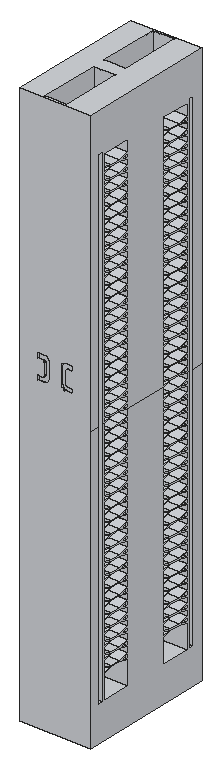
Revit family
Parameters
  Material ID = "760072850"
  Description = "Vertical Cable Management Kit, 12in X 96in (305mm X 2438mm) Double Sided, With Doors, Silver\r\nical Cable Management Kit, 6in X 84in (152mm X 2134mm) Single Sided, With Door, Black\r\nVertical Cable Management Kit, 6in X 84in (152mm X 2134mm) Single Sided, With Door, Black\r\nVERTICAL CABLE MANAGEMENT KIT, 6IN X 84IN(152MM X 2134MM) SINGLE SIDED, WITH DOOR, BLACK"
Reference planes (in)
  plane 1 "Center (Front/Back)": y = 0
  plane 2: z = 0
  plane 3 "Center (Left/Right)": x = 0
Forms (in)
  Extrusion 1, void, not visible
    sketch origin (0, 0, 0) x (1, 0, 0) y (0, 0, 1)
      loop
        line (-7.85662, 0.48089) -> (-7.85662, -0.39002) -> (-7.67285, -0.39002) -> (-7.67285, -0.64002) -> (-7.0736, -0.64002) -> (-7.0736, -0.39002) -> (-6.92978, -0.39002) -> (-6.92978, 0.48089) -> (-7.85662, 0.48089)
    from -3.79215 to 12
  Extrusion 2, void, not visible
    sketch origin (0, 0, 0) x (1, 0, 0) y (0, 0, 1)
      loop
        line (-8.21397, 0.42583) -> (-8.21397, -0.07417) -> (-8.08657, -0.07417) -> (-8.08657, -0.27417) -> (-7.83657, -0.27417) -> (-7.83657, -0.07417) -> (-7.72497, -0.07417) -> (-7.72497, 0.42583) -> (-8.21397, 0.42583)
    from 0.74059 to 3.34334
  Extrusion 3, solid
    sketch origin (0, 0, 0) x (1, 0, 0) y (0, 0, 1)
      loop
        line (6, 48) -> (-6, 48) -> (-6, -48) -> (6, -48) -> (6, 0) -> (6, 48)
    from 11.281 to -12.189
  Extrusion 4, void
    sketch origin (0, 0, 0) x (1, 0, 0) y (0, 0, 1)
      loop
        line (-3, 9.00056) -> (-3, 8.06684) -> (-2.1, 8.06684)
        arc (-2.1, 8.06684) -> (-1.88787, 7.97898) -> (-1.8, 7.76684) r 0.3
        line (-1.8, 7.76684) -> (-1.8, 5.85056)
        arc (-1.8, 5.85056) -> (-1.88787, 5.63843) -> (-2.1, 5.55056) r 0.3
        line (-2.1, 5.55056) -> (-3, 5.55056) -> (-3, 4.75056) -> (-1.8, 4.75056)
        arc (-1.8, 4.75056) -> (-1.23431, 4.98488) -> (-1, 5.55056) r 0.8
        line (-1, 5.55056) -> (-1, 8.20056)
        arc (-1, 8.20056) -> (-1.23431, 8.76625) -> (-1.8, 9.00056) r 0.8
        line (-1.8, 9.00056) -> (-3, 9.00056)
      loop
        line (3, 9.00056) -> (1.8, 9.00056)
        arc (1.8, 9.00056) -> (1.23431, 8.76625) -> (1, 8.20056) r 0.8
        line (1, 8.20056) -> (1, 5.55056)
        arc (1, 5.55056) -> (1.23431, 4.98488) -> (1.8, 4.75056) r 0.8
        line (1.8, 4.75056) -> (3, 4.75056) -> (3, 5.55056) -> (2.1, 5.55056)
        arc (2.1, 5.55056) -> (1.88787, 5.63843) -> (1.8, 5.85056) r 0.3
        line (1.8, 5.85056) -> (1.8, 7.76684)
        arc (1.8, 7.76684) -> (1.88787, 7.97898) -> (2.1, 8.06684) r 0.3
        line (2.1, 8.06684) -> (3, 8.06684) -> (3, 9.00056)
    from 11.08569 to 11.281
  Extrusion 5, void
    sketch origin (0, 0, 0) x (1, 0, 0) y (0, 1, 0)
      loop
        line (1.70983, -0.6615) -> (-2.04017, -0.6615) -> (-2.04017, -10.9115) -> (1.70983, -10.9115) -> (1.70983, -0.6615)
      loop
        line (1.70983, 1.5695) -> (1.70983, 11.8195) -> (-2.04017, 11.8195) -> (-2.04017, 1.5695) -> (1.70983, 1.5695)
    from -58.88014 to 54.97812
  Extrusion 6, void
    sketch origin (0, 0, 0) x (0, 1, 0) y (0, 0, 1)
      loop
        line (-3.37841, 39.06909) -> (-3.37841, 41.06909) -> (-8.50915, 41.06909) -> (-8.50915, 39.06909) -> (-6.81878, 38.61615) -> (-5.06878, 38.61615) -> (-3.37841, 39.06909)
      loop
        line (-3.37841, 38.06909) -> (-5.06878, 38.52202) -> (-6.81878, 38.52202) -> (-8.50915, 38.06909) -> (-8.50915, 37.81909) -> (-8.50915, 37.06909) -> (-6.81878, 36.61615) -> (-5.06878, 36.61615) -> (-3.37841, 37.06909) -> (-3.37841, 37.81909) -> (-3.37841, 38.06909)
      loop
        line (-3.37841, 39.00985) -> (-4.9864, 38.57899) -> (-3.37841, 38.14813) -> (-3.37841, 39.00985)
      loop
        line (-8.50915, 39.00985) -> (-8.50915, 38.14813) -> (-6.90115, 38.57899) -> (-8.50915, 39.00985)
      loop
        line (-3.37841, 36.06909) -> (-5.06878, 36.52202) -> (-6.81878, 36.52202) -> (-8.50915, 36.06909) -> (-8.50915, 35.06909) -> (-6.81878, 34.61615) -> (-5.06878, 34.61615) -> (-3.37841, 35.06909) -> (-3.37841, 36.06909)
      loop
        line (-3.37841, 37.00985) -> (-4.9864, 36.57899) -> (-3.37841, 36.14813) -> (-3.37841, 37.00985)
      loop
        line (-8.50915, 37.00985) -> (-8.50915, 36.14813) -> (-6.90115, 36.57899) -> (-8.50915, 37.00985)
      loop
        line (-3.37841, 34.06909) -> (-5.06878, 34.52202) -> (-6.81878, 34.52202) -> (-8.50915, 34.06909) -> (-8.50915, 33.06909) -> (-6.81878, 32.61615) -> (-5.06878, 32.61615) -> (-3.37841, 33.06909) -> (-3.37841, 34.06909)
      loop
        line (-3.37841, 35.00985) -> (-4.9864, 34.57899) -> (-3.37841, 34.14813) -> (-3.37841, 35.00985)
      loop
        line (-8.50915, 35.00985) -> (-8.50915, 34.14813) -> (-6.90115, 34.57899) -> (-8.50915, 35.00985)
      loop
        line (-3.37841, 32.06909) -> (-5.06878, 32.52202) -> (-6.81878, 32.52202) -> (-8.50915, 32.06909) -> (-8.50915, 31.06909) -> (-6.81878, 30.61615) -> (-5.06878, 30.61615) -> (-3.37841, 31.06909) -> (-3.37841, 32.06909)
      loop
        line (-3.37841, 33.00985) -> (-4.9864, 32.57899) -> (-3.37841, 32.14813) -> (-3.37841, 33.00985)
      loop
        line (-8.50915, 33.00985) -> (-8.50915, 32.14813) -> (-6.90115, 32.57899) -> (-8.50915, 33.00985)
      loop
        line (-3.37841, 30.06909) -> (-5.06878, 30.52202) -> (-6.81878, 30.52202) -> (-8.50915, 30.06909) -> (-8.50915, 29.06909) -> (-6.81878, 28.61615) -> (-5.06878, 28.61615) -> (-3.37841, 29.06909) -> (-3.37841, 30.06909)
      loop
        line (-3.37841, 31.00985) -> (-4.9864, 30.57899) -> (-3.37841, 30.14813) -> (-3.37841, 31.00985)
      loop
        line (-8.50915, 31.00985) -> (-8.50915, 30.14813) -> (-6.90115, 30.57899) -> (-8.50915, 31.00985)
      loop
        line (-3.37841, 28.06909) -> (-5.06878, 28.52202) -> (-6.81878, 28.52202) -> (-8.50915, 28.06909) -> (-8.50915, 27.06909) -> (-6.81878, 26.61615) -> (-5.06878, 26.61615) -> (-3.37841, 27.06909) -> (-3.37841, 28.06909)
      loop
        line (-3.37841, 29.00985) -> (-4.9864, 28.57899) -> (-3.37841, 28.14813) -> (-3.37841, 29.00985)
      loop
        line (-8.50915, 29.00985) -> (-8.50915, 28.14813) -> (-6.90115, 28.57899) -> (-8.50915, 29.00985)
      loop
        line (-3.37841, 26.06909) -> (-5.06878, 26.52202) -> (-6.81878, 26.52202) -> (-8.50915, 26.06909) -> (-8.50915, 25.06909) -> (-6.81878, 24.61615) -> (-5.06878, 24.61615) -> (-3.37841, 25.06909) -> (-3.37841, 26.06909)
      loop
        line (-3.37841, 27.00985) -> (-4.9864, 26.57899) -> (-3.37841, 26.14813) -> (-3.37841, 27.00985)
      loop
        line (-8.50915, 27.00985) -> (-8.50915, 26.14813) -> (-6.90115, 26.57899) -> (-8.50915, 27.00985)
      loop
        line (-3.37841, 24.06909) -> (-5.06878, 24.52202) -> (-6.81878, 24.52202) -> (-8.50915, 24.06909) -> (-8.50915, 23.06909) -> (-6.81878, 22.61615) -> (-5.06878, 22.61615) -> (-3.37841, 23.06909) -> (-3.37841, 24.06909)
      loop
        line (-3.37841, 25.00985) -> (-4.9864, 24.57899) -> (-3.37841, 24.14813) -> (-3.37841, 25.00985)
      loop
        line (-8.50915, 25.00985) -> (-8.50915, 24.14813) -> (-6.90115, 24.57899) -> (-8.50915, 25.00985)
      loop
        line (-3.37841, 22.06909) -> (-5.06878, 22.52202) -> (-6.81878, 22.52202) -> (-8.50915, 22.06909) -> (-8.50915, 21.06909) -> (-6.81878, 20.61615) -> (-5.06878, 20.61615) -> (-3.37841, 21.06909) -> (-3.37841, 22.06909)
      loop
        line (-3.37841, 23.00985) -> (-4.9864, 22.57899) -> (-3.37841, 22.14813) -> (-3.37841, 23.00985)
      loop
        line (-8.50915, 23.00985) -> (-8.50915, 22.14813) -> (-6.90115, 22.57899) -> (-8.50915, 23.00985)
      loop
        line (-3.37841, 20.06909) -> (-5.06878, 20.52202) -> (-6.81878, 20.52202) -> (-8.50915, 20.06909) -> (-8.50915, 19.06909) -> (-6.81878, 18.61615) -> (-5.06878, 18.61615) -> (-3.37841, 19.06909) -> (-3.37841, 20.06909)
      loop
        line (-3.37841, 21.00985) -> (-4.9864, 20.57899) -> (-3.37841, 20.14813) -> (-3.37841, 21.00985)
      loop
        line (-8.50915, 21.00985) -> (-8.50915, 20.14813) -> (-6.90115, 20.57899) -> (-8.50915, 21.00985)
      loop
        line (-3.37841, 18.06909) -> (-5.06878, 18.52202) -> (-6.81878, 18.52202) -> (-8.50915, 18.06909) -> (-8.50915, 17.06909) -> (-6.81878, 16.61615) -> (-5.06878, 16.61615) -> (-3.37841, 17.06909) -> (-3.37841, 18.06909)
      loop
        line (-3.37841, 19.00985) -> (-4.9864, 18.57899) -> (-3.37841, 18.14813) -> (-3.37841, 19.00985)
      loop
        line (-8.50915, 19.00985) -> (-8.50915, 18.14813) -> (-6.90115, 18.57899) -> (-8.50915, 19.00985)
      loop
        line (-3.37841, 16.06909) -> (-5.06878, 16.52202) -> (-6.81878, 16.52202) -> (-8.50915, 16.06909) -> (-8.50915, 15.06909) -> (-6.81878, 14.61615) -> (-5.06878, 14.61615) -> (-3.37841, 15.06909) -> (-3.37841, 16.06909)
      loop
        line (-3.37841, 17.00985) -> (-4.9864, 16.57899) -> (-3.37841, 16.14813) -> (-3.37841, 17.00985)
      loop
        line (-8.50915, 17.00985) -> (-8.50915, 16.14813) -> (-6.90115, 16.57899) -> (-8.50915, 17.00985)
      loop
        line (-3.37841, 14.06909) -> (-5.06878, 14.52202) -> (-6.81878, 14.52202) -> (-8.50915, 14.06909) -> (-8.50915, 13.06909) -> (-6.81878, 12.61615) -> (-5.06878, 12.61615) -> (-3.37841, 13.06909) -> (-3.37841, 14.06909)
      loop
        line (-3.37841, 15.00985) -> (-4.9864, 14.57899) -> (-3.37841, 14.14813) -> (-3.37841, 15.00985)
      loop
        line (-8.50915, 15.00985) -> (-8.50915, 14.14813) -> (-6.90115, 14.57899) -> (-8.50915, 15.00985)
      loop
        line (-3.37841, 12.06909) -> (-5.06878, 12.52202) -> (-6.81878, 12.52202) -> (-8.50915, 12.06909) -> (-8.50915, 11.06909) -> (-6.81878, 10.61615) -> (-5.06878, 10.61615) -> (-3.37841, 11.06909) -> (-3.37841, 12.06909)
      loop
        line (-3.37841, 13.00985) -> (-4.9864, 12.57899) -> (-3.37841, 12.14813) -> (-3.37841, 13.00985)
      loop
        line (-8.50915, 13.00985) -> (-8.50915, 12.14813) -> (-6.90115, 12.57899) -> (-8.50915, 13.00985)
      loop
        line (-3.37841, 10.06909) -> (-5.06878, 10.52202) -> (-6.81878, 10.52202) -> (-8.50915, 10.06909) -> (-8.50915, 9.06909) -> (-6.81878, 8.61615) -> (-5.06878, 8.61615) -> (-3.37841, 9.06909) -> (-3.37841, 10.06909)
      loop
        line (-3.37841, 11.00985) -> (-4.9864, 10.57899) -> (-3.37841, 10.14813) -> (-3.37841, 11.00985)
      loop
        line (-8.50915, 11.00985) -> (-8.50915, 10.14813) -> (-6.90115, 10.57899) -> (-8.50915, 11.00985)
      loop
        line (-3.37841, 8.06909) -> (-5.06878, 8.52202) -> (-6.81878, 8.52202) -> (-8.50915, 8.06909) -> (-8.50915, 7.06909) -> (-6.81878, 6.61615) -> (-5.06878, 6.61615) -> (-3.37841, 7.06909) -> (-3.37841, 8.06909)
      loop
        line (-3.37841, 9.00985) -> (-4.9864, 8.57899) -> (-3.37841, 8.14813) -> (-3.37841, 9.00985)
      loop
        line (-8.50915, 9.00985) -> (-8.50915, 8.14813) -> (-6.90115, 8.57899) -> (-8.50915, 9.00985)
      loop
        line (-3.37841, 6.06909) -> (-5.06878, 6.52202) -> (-6.81878, 6.52202) -> (-8.50915, 6.06909) -> (-8.50915, 5.06909) -> (-6.81878, 4.61615) -> (-5.06878, 4.61615) -> (-3.37841, 5.06909) -> (-3.37841, 6.06909)
      loop
        line (-3.37841, 7.00985) -> (-4.9864, 6.57899) -> (-3.37841, 6.14813) -> (-3.37841, 7.00985)
      loop
        line (-8.50915, 7.00985) -> (-8.50915, 6.14813) -> (-6.90115, 6.57899) -> (-8.50915, 7.00985)
      loop
        line (-3.37841, 4.06909) -> (-5.06878, 4.52202) -> (-6.81878, 4.52202) -> (-8.50915, 4.06909) -> (-8.50915, 3.06909) -> (-6.81878, 2.61615) -> (-5.06878, 2.61615) -> (-3.37841, 3.06909) -> (-3.37841, 4.06909)
      loop
        line (-3.37841, 5.00985) -> (-4.9864, 4.57899) -> (-3.37841, 4.14813) -> (-3.37841, 5.00985)
      loop
        line (-8.50915, 5.00985) -> (-8.50915, 4.14813) -> (-6.90115, 4.57899) -> (-8.50915, 5.00985)
      loop
        line (-3.37841, 2.06909) -> (-5.06878, 2.52202) -> (-6.81878, 2.52202) -> (-8.50915, 2.06909) -> (-8.50915, 1.06909) -> (-6.81878, 0.61615) -> (-5.06878, 0.61615) -> (-3.37841, 1.06909) -> (-3.37841, 2.06909)
      loop
        line (-3.37841, 3.00985) -> (-4.9864, 2.57899) -> (-3.37841, 2.14813) -> (-3.37841, 3.00985)
      loop
        line (-8.50915, 3.00985) -> (-8.50915, 2.14813) -> (-6.90115, 2.57899) -> (-8.50915, 3.00985)
      loop
        line (-3.37841, 0.06909) -> (-5.06878, 0.52202) -> (-6.81878, 0.52202) -> (-8.50915, 0.06909) -> (-8.50915, -0.93091) -> (-6.81878, -1.38385) -> (-5.06878, -1.38385) -> (-3.37841, -0.93091) -> (-3.37841, 0.06909)
      loop
        line (-3.37841, 1.00985) -> (-4.9864, 0.57899) -> (-3.37841, 0.14813) -> (-3.37841, 1.00985)
      loop
        line (-8.50915, 1.00985) -> (-8.50915, 0.14813) -> (-6.90115, 0.57899) -> (-8.50915, 1.00985)
      loop
        line (-3.37841, -1.93091) -> (-5.06878, -1.47798) -> (-6.81878, -1.47798) -> (-8.50915, -1.93091) -> (-8.50915, -2.93091) -> (-6.81878, -3.38385) -> (-5.06878, -3.38385) -> (-3.37841, -2.93091) -> (-3.37841, -1.93091)
      loop
        line (-3.37841, -0.99015) -> (-4.9864, -1.42101) -> (-3.37841, -1.85187) -> (-3.37841, -0.99015)
      loop
        line (-8.50915, -0.99015) -> (-8.50915, -1.85187) -> (-6.90115, -1.42101) -> (-8.50915, -0.99015)
      loop
        line (-3.37841, -3.93091) -> (-5.06878, -3.47798) -> (-6.81878, -3.47798) -> (-8.50915, -3.93091) -> (-8.50915, -4.93091) -> (-6.81878, -5.38385) -> (-5.06878, -5.38385) -> (-3.37841, -4.93091) -> (-3.37841, -3.93091)
      loop
        line (-3.37841, -2.99015) -> (-4.9864, -3.42101) -> (-3.37841, -3.85187) -> (-3.37841, -2.99015)
      loop
        line (-8.50915, -2.99015) -> (-8.50915, -3.85187) -> (-6.90115, -3.42101) -> (-8.50915, -2.99015)
      loop
        line (-3.37841, -5.93091) -> (-5.06878, -5.47798) -> (-6.81878, -5.47798) -> (-8.50915, -5.93091) -> (-8.50915, -6.93091) -> (-6.81878, -7.38385) -> (-5.06878, -7.38385) -> (-3.37841, -6.93091) -> (-3.37841, -5.93091)
      loop
        line (-3.37841, -4.99015) -> (-4.9864, -5.42101) -> (-3.37841, -5.85187) -> (-3.37841, -4.99015)
      loop
        line (-8.50915, -4.99015) -> (-8.50915, -5.85187) -> (-6.90115, -5.42101) -> (-8.50915, -4.99015)
      loop
        line (-3.37841, -7.93091) -> (-5.06878, -7.47798) -> (-6.81878, -7.47798) -> (-8.50915, -7.93091) -> (-8.50915, -8.93091) -> (-6.81878, -9.38385) -> (-5.06878, -9.38385) -> (-3.37841, -8.93091) -> (-3.37841, -7.93091)
      loop
        line (-3.37841, -6.99015) -> (-4.9864, -7.42101) -> (-3.37841, -7.85187) -> (-3.37841, -6.99015)
      loop
        line (-8.50915, -6.99015) -> (-8.50915, -7.85187) -> (-6.90115, -7.42101) -> (-8.50915, -6.99015)
      loop
        line (-3.37841, -9.93091) -> (-5.06878, -9.47798) -> (-6.81878, -9.47798) -> (-8.50915, -9.93091) -> (-8.50915, -10.93091) -> (-6.81878, -11.38385) -> (-5.06878, -11.38385) -> (-3.37841, -10.93091) -> (-3.37841, -9.93091)
      loop
        line (-3.37841, -8.99015) -> (-4.9864, -9.42101) -> (-3.37841, -9.85187) -> (-3.37841, -8.99015)
      loop
        line (-8.50915, -8.99015) -> (-8.50915, -9.85187) -> (-6.90115, -9.42101) -> (-8.50915, -8.99015)
      loop
        line (-3.37841, -11.93091) -> (-5.06878, -11.47798) -> (-6.81878, -11.47798) -> (-8.50915, -11.93091) -> (-8.50915, -12.93091) -> (-6.81878, -13.38385) -> (-5.06878, -13.38385) -> (-3.37841, -12.93091) -> (-3.37841, -11.93091)
      loop
        line (-3.37841, -10.99015) -> (-4.9864, -11.42101) -> (-3.37841, -11.85187) -> (-3.37841, -10.99015)
      loop
        line (-8.50915, -10.99015) -> (-8.50915, -11.85187) -> (-6.90115, -11.42101) -> (-8.50915, -10.99015)
      loop
        line (-3.37841, -13.93091) -> (-5.06878, -13.47798) -> (-6.81878, -13.47798) -> (-8.50915, -13.93091) -> (-8.50915, -14.93091) -> (-6.81878, -15.38385) -> (-5.06878, -15.38385) -> (-3.37841, -14.93091) -> (-3.37841, -13.93091)
      loop
        line (-3.37841, -12.99015) -> (-4.9864, -13.42101) -> (-3.37841, -13.85187) -> (-3.37841, -12.99015)
      loop
        line (-8.50915, -12.99015) -> (-8.50915, -13.85187) -> (-6.90115, -13.42101) -> (-8.50915, -12.99015)
      loop
        line (-3.37841, -15.93091) -> (-5.06878, -15.47798) -> (-6.81878, -15.47798) -> (-8.50915, -15.93091) -> (-8.50915, -16.93091) -> (-6.81878, -17.38385) -> (-5.06878, -17.38385) -> (-3.37841, -16.93091) -> (-3.37841, -15.93091)
      loop
        line (-3.37841, -14.99015) -> (-4.9864, -15.42101) -> (-3.37841, -15.85187) -> (-3.37841, -14.99015)
      loop
        line (-8.50915, -14.99015) -> (-8.50915, -15.85187) -> (-6.90115, -15.42101) -> (-8.50915, -14.99015)
      loop
        line (-3.37841, -17.93091) -> (-5.06878, -17.47798) -> (-6.81878, -17.47798) -> (-8.50915, -17.93091) -> (-8.50915, -18.93091) -> (-6.81878, -19.38385) -> (-5.06878, -19.38385) -> (-3.37841, -18.93091) -> (-3.37841, -17.93091)
      loop
        line (-3.37841, -16.99015) -> (-4.9864, -17.42101) -> (-3.37841, -17.85187) -> (-3.37841, -16.99015)
      loop
        line (-8.50915, -16.99015) -> (-8.50915, -17.85187) -> (-6.90115, -17.42101) -> (-8.50915, -16.99015)
      loop
        line (-3.37841, -19.93091) -> (-5.06878, -19.47798) -> (-6.81878, -19.47798) -> (-8.50915, -19.93091) -> (-8.50915, -20.93091) -> (-6.81878, -21.38385) -> (-5.06878, -21.38385) -> (-3.37841, -20.93091) -> (-3.37841, -19.93091)
      loop
        line (-3.37841, -18.99015) -> (-4.9864, -19.42101) -> (-3.37841, -19.85187) -> (-3.37841, -18.99015)
      loop
        line (-8.50915, -18.99015) -> (-8.50915, -19.85187) -> (-6.90115, -19.42101) -> (-8.50915, -18.99015)
      loop
        line (-3.37841, -21.93091) -> (-5.06878, -21.47798) -> (-6.81878, -21.47798) -> (-8.50915, -21.93091) -> (-8.50915, -22.93091) -> (-6.81878, -23.38385) -> (-5.06878, -23.38385) -> (-3.37841, -22.93091) -> (-3.37841, -21.93091)
      loop
        line (-3.37841, -20.99015) -> (-4.9864, -21.42101) -> (-3.37841, -21.85187) -> (-3.37841, -20.99015)
      loop
        line (-8.50915, -20.99015) -> (-8.50915, -21.85187) -> (-6.90115, -21.42101) -> (-8.50915, -20.99015)
      loop
        line (-3.37841, -23.93091) -> (-5.06878, -23.47798) -> (-6.81878, -23.47798) -> (-8.50915, -23.93091) -> (-8.50915, -24.93091) -> (-6.81878, -25.38385) -> (-5.06878, -25.38385) -> (-3.37841, -24.93091) -> (-3.37841, -23.93091)
      loop
        line (-3.37841, -22.99015) -> (-4.9864, -23.42101) -> (-3.37841, -23.85187) -> (-3.37841, -22.99015)
      loop
        line (-8.50915, -22.99015) -> (-8.50915, -23.85187) -> (-6.90115, -23.42101) -> (-8.50915, -22.99015)
      loop
        line (-3.37841, -25.93091) -> (-5.06878, -25.47798) -> (-6.81878, -25.47798) -> (-8.50915, -25.93091) -> (-8.50915, -26.93091) -> (-6.81878, -27.38385) -> (-5.06878, -27.38385) -> (-3.37841, -26.93091) -> (-3.37841, -25.93091)
      loop
        line (-3.37841, -24.99015) -> (-4.9864, -25.42101) -> (-3.37841, -25.85187) -> (-3.37841, -24.99015)
      loop
        line (-8.50915, -24.99015) -> (-8.50915, -25.85187) -> (-6.90115, -25.42101) -> (-8.50915, -24.99015)
      loop
        line (-3.37841, -27.93091) -> (-5.06878, -27.47798) -> (-6.81878, -27.47798) -> (-8.50915, -27.93091) -> (-8.50915, -28.93091) -> (-6.81878, -29.38385) -> (-5.06878, -29.38385) -> (-3.37841, -28.93091) -> (-3.37841, -27.93091)
      loop
        line (-3.37841, -26.99015) -> (-4.9864, -27.42101) -> (-3.37841, -27.85187) -> (-3.37841, -26.99015)
      loop
        line (-8.50915, -26.99015) -> (-8.50915, -27.85187) -> (-6.90115, -27.42101) -> (-8.50915, -26.99015)
      loop
        line (-3.37841, -29.93091) -> (-5.06878, -29.47798) -> (-6.81878, -29.47798) -> (-8.50915, -29.93091) -> (-8.50915, -30.93091) -> (-6.81878, -31.38385) -> (-5.06878, -31.38385) -> (-3.37841, -30.93091) -> (-3.37841, -29.93091)
      loop
        line (-3.37841, -28.99015) -> (-4.9864, -29.42101) -> (-3.37841, -29.85187) -> (-3.37841, -28.99015)
      loop
        line (-8.50915, -28.99015) -> (-8.50915, -29.85187) -> (-6.90115, -29.42101) -> (-8.50915, -28.99015)
      loop
        line (-3.37841, -31.93091) -> (-5.06878, -31.47798) -> (-6.81878, -31.47798) -> (-8.50915, -31.93091) -> (-8.50915, -32.93091) -> (-6.81878, -33.38385) -> (-5.06878, -33.38385) -> (-3.37841, -32.93091) -> (-3.37841, -31.93091)
      loop
        line (-3.37841, -30.99015) -> (-4.9864, -31.42101) -> (-3.37841, -31.85187) -> (-3.37841, -30.99015)
      loop
        line (-8.50915, -30.99015) -> (-8.50915, -31.85187) -> (-6.90115, -31.42101) -> (-8.50915, -30.99015)
      loop
        line (-3.37841, -33.93091) -> (-5.06878, -33.47798) -> (-6.81878, -33.47798) -> (-8.50915, -33.93091) -> (-8.50915, -34.93091) -> (-6.81878, -35.38385) -> (-5.06878, -35.38385) -> (-3.37841, -34.93091) -> (-3.37841, -33.93091)
      loop
        line (-3.37841, -32.99015) -> (-4.9864, -33.42101) -> (-3.37841, -33.85187) -> (-3.37841, -32.99015)
      loop
        line (-8.50915, -32.99015) -> (-8.50915, -33.85187) -> (-6.90115, -33.42101) -> (-8.50915, -32.99015)
      loop
        line (-3.37841, -35.93091) -> (-5.06878, -35.47798) -> (-6.81878, -35.47798) -> (-8.50915, -35.93091) -> (-8.50915, -36.93091) -> (-6.81878, -37.38385) -> (-5.06878, -37.38385) -> (-3.37841, -36.93091) -> (-3.37841, -35.93091)
      loop
        line (-3.37841, -34.99015) -> (-4.9864, -35.42101) -> (-3.37841, -35.85187) -> (-3.37841, -34.99015)
      loop
        line (-8.50915, -34.99015) -> (-8.50915, -35.85187) -> (-6.90115, -35.42101) -> (-8.50915, -34.99015)
      loop
        line (-3.37841, -37.93091) -> (-5.06878, -37.47798) -> (-6.81878, -37.47798) -> (-8.50915, -37.93091) -> (-8.50915, -42) -> (-3.37841, -42) -> (-3.37841, -37.93091)
      loop
        line (-3.37841, -36.99015) -> (-4.9864, -37.42101) -> (-3.37841, -37.85187) -> (-3.37841, -36.99015)
      loop
        line (-8.50915, -36.99015) -> (-8.50915, -37.85187) -> (-6.90115, -37.42101) -> (-8.50915, -36.99015)
      loop
        line (4.05541, 39.06909) -> (5.74578, 38.61615) -> (7.49578, 38.61615) -> (9.18615, 39.06909) -> (9.18615, 41.06909) -> (4.05541, 41.06909) -> (4.05541, 39.06909)
      loop
        line (4.05541, 38.06909) -> (4.05541, 37.81909) -> (4.05541, 37.06909) -> (5.74578, 36.61615) -> (7.49578, 36.61615) -> (9.18615, 37.06909) -> (9.18615, 37.81909) -> (9.18615, 38.06909) -> (7.49578, 38.52202) -> (5.74578, 38.52202) -> (4.05541, 38.06909)
      loop
        line (4.05541, 39.00985) -> (4.05541, 38.14813) -> (5.6634, 38.57899) -> (4.05541, 39.00985)
      loop
        line (9.18615, 39.00985) -> (7.57815, 38.57899) -> (9.18615, 38.14813) -> (9.18615, 39.00985)
      loop
        line (4.05541, 36.06909) -> (4.05541, 35.06909) -> (5.74578, 34.61615) -> (7.49578, 34.61615) -> (9.18615, 35.06909) -> (9.18615, 36.06909) -> (7.49578, 36.52202) -> (5.74578, 36.52202) -> (4.05541, 36.06909)
      loop
        line (4.05541, 37.00985) -> (4.05541, 36.14813) -> (5.6634, 36.57899) -> (4.05541, 37.00985)
      loop
        line (9.18615, 37.00985) -> (7.57815, 36.57899) -> (9.18615, 36.14813) -> (9.18615, 37.00985)
      loop
        line (4.05541, 34.06909) -> (4.05541, 33.06909) -> (5.74578, 32.61615) -> (7.49578, 32.61615) -> (9.18615, 33.06909) -> (9.18615, 34.06909) -> (7.49578, 34.52202) -> (5.74578, 34.52202) -> (4.05541, 34.06909)
      loop
        line (4.05541, 35.00985) -> (4.05541, 34.14813) -> (5.6634, 34.57899) -> (4.05541, 35.00985)
      loop
        line (9.18615, 35.00985) -> (7.57815, 34.57899) -> (9.18615, 34.14813) -> (9.18615, 35.00985)
      loop
        line (4.05541, 32.06909) -> (4.05541, 31.06909) -> (5.74578, 30.61615) -> (7.49578, 30.61615) -> (9.18615, 31.06909) -> (9.18615, 32.06909) -> (7.49578, 32.52202) -> (5.74578, 32.52202) -> (4.05541, 32.06909)
      loop
        line (4.05541, 33.00985) -> (4.05541, 32.14813) -> (5.6634, 32.57899) -> (4.05541, 33.00985)
      loop
        line (9.18615, 33.00985) -> (7.57815, 32.57899) -> (9.18615, 32.14813) -> (9.18615, 33.00985)
      loop
        line (4.05541, 30.06909) -> (4.05541, 29.06909) -> (5.74578, 28.61615) -> (7.49578, 28.61615) -> (9.18615, 29.06909) -> (9.18615, 30.06909) -> (7.49578, 30.52202) -> (5.74578, 30.52202) -> (4.05541, 30.06909)
      loop
        line (4.05541, 31.00985) -> (4.05541, 30.14813) -> (5.6634, 30.57899) -> (4.05541, 31.00985)
      loop
        line (9.18615, 31.00985) -> (7.57815, 30.57899) -> (9.18615, 30.14813) -> (9.18615, 31.00985)
      loop
        line (4.05541, 28.06909) -> (4.05541, 27.06909) -> (5.74578, 26.61615) -> (7.49578, 26.61615) -> (9.18615, 27.06909) -> (9.18615, 28.06909) -> (7.49578, 28.52202) -> (5.74578, 28.52202) -> (4.05541, 28.06909)
      loop
        line (4.05541, 29.00985) -> (4.05541, 28.14813) -> (5.6634, 28.57899) -> (4.05541, 29.00985)
      loop
        line (9.18615, 29.00985) -> (7.57815, 28.57899) -> (9.18615, 28.14813) -> (9.18615, 29.00985)
      loop
        line (4.05541, 26.06909) -> (4.05541, 25.06909) -> (5.74578, 24.61615) -> (7.49578, 24.61615) -> (9.18615, 25.06909) -> (9.18615, 26.06909) -> (7.49578, 26.52202) -> (5.74578, 26.52202) -> (4.05541, 26.06909)
      loop
        line (4.05541, 27.00985) -> (4.05541, 26.14813) -> (5.6634, 26.57899) -> (4.05541, 27.00985)
      loop
        line (9.18615, 27.00985) -> (7.57815, 26.57899) -> (9.18615, 26.14813) -> (9.18615, 27.00985)
      loop
        line (4.05541, 24.06909) -> (4.05541, 23.06909) -> (5.74578, 22.61615) -> (7.49578, 22.61615) -> (9.18615, 23.06909) -> (9.18615, 24.06909) -> (7.49578, 24.52202) -> (5.74578, 24.52202) -> (4.05541, 24.06909)
      loop
        line (4.05541, 25.00985) -> (4.05541, 24.14813) -> (5.6634, 24.57899) -> (4.05541, 25.00985)
      loop
        line (9.18615, 25.00985) -> (7.57815, 24.57899) -> (9.18615, 24.14813) -> (9.18615, 25.00985)
      loop
        line (4.05541, 22.06909) -> (4.05541, 21.06909) -> (5.74578, 20.61615) -> (7.49578, 20.61615) -> (9.18615, 21.06909) -> (9.18615, 22.06909) -> (7.49578, 22.52202) -> (5.74578, 22.52202) -> (4.05541, 22.06909)
      loop
        line (4.05541, 23.00985) -> (4.05541, 22.14813) -> (5.6634, 22.57899) -> (4.05541, 23.00985)
      loop
        line (9.18615, 23.00985) -> (7.57815, 22.57899) -> (9.18615, 22.14813) -> (9.18615, 23.00985)
      loop
        line (4.05541, 20.06909) -> (4.05541, 19.06909) -> (5.74578, 18.61615) -> (7.49578, 18.61615) -> (9.18615, 19.06909) -> (9.18615, 20.06909) -> (7.49578, 20.52202) -> (5.74578, 20.52202) -> (4.05541, 20.06909)
      loop
        line (4.05541, 21.00985) -> (4.05541, 20.14813) -> (5.6634, 20.57899) -> (4.05541, 21.00985)
      loop
        line (9.18615, 21.00985) -> (7.57815, 20.57899) -> (9.18615, 20.14813) -> (9.18615, 21.00985)
      loop
        line (4.05541, 18.06909) -> (4.05541, 17.06909) -> (5.74578, 16.61615) -> (7.49578, 16.61615) -> (9.18615, 17.06909) -> (9.18615, 18.06909) -> (7.49578, 18.52202) -> (5.74578, 18.52202) -> (4.05541, 18.06909)
      loop
        line (4.05541, 19.00985) -> (4.05541, 18.14813) -> (5.6634, 18.57899) -> (4.05541, 19.00985)
      loop
        line (9.18615, 19.00985) -> (7.57815, 18.57899) -> (9.18615, 18.14813) -> (9.18615, 19.00985)
      loop
        line (4.05541, 16.06909) -> (4.05541, 15.06909) -> (5.74578, 14.61615) -> (7.49578, 14.61615) -> (9.18615, 15.06909) -> (9.18615, 16.06909) -> (7.49578, 16.52202) -> (5.74578, 16.52202) -> (4.05541, 16.06909)
      loop
        line (4.05541, 17.00985) -> (4.05541, 16.14813) -> (5.6634, 16.57899) -> (4.05541, 17.00985)
      loop
        line (9.18615, 17.00985) -> (7.57815, 16.57899) -> (9.18615, 16.14813) -> (9.18615, 17.00985)
      loop
        line (4.05541, 14.06909) -> (4.05541, 13.06909) -> (5.74578, 12.61615) -> (7.49578, 12.61615) -> (9.18615, 13.06909) -> (9.18615, 14.06909) -> (7.49578, 14.52202) -> (5.74578, 14.52202) -> (4.05541, 14.06909)
      loop
        line (4.05541, 15.00985) -> (4.05541, 14.14813) -> (5.6634, 14.57899) -> (4.05541, 15.00985)
      loop
        line (9.18615, 15.00985) -> (7.57815, 14.57899) -> (9.18615, 14.14813) -> (9.18615, 15.00985)
      loop
        line (4.05541, 12.06909) -> (4.05541, 11.06909) -> (5.74578, 10.61615) -> (7.49578, 10.61615) -> (9.18615, 11.06909) -> (9.18615, 12.06909) -> (7.49578, 12.52202) -> (5.74578, 12.52202) -> (4.05541, 12.06909)
      loop
        line (4.05541, 13.00985) -> (4.05541, 12.14813) -> (5.6634, 12.57899) -> (4.05541, 13.00985)
      loop
        line (9.18615, 13.00985) -> (7.57815, 12.57899) -> (9.18615, 12.14813) -> (9.18615, 13.00985)
      loop
        line (4.05541, 10.06909) -> (4.05541, 9.06909) -> (5.74578, 8.61615) -> (7.49578, 8.61615) -> (9.18615, 9.06909) -> (9.18615, 10.06909) -> (7.49578, 10.52202) -> (5.74578, 10.52202) -> (4.05541, 10.06909)
      loop
        line (4.05541, 11.00985) -> (4.05541, 10.14813) -> (5.6634, 10.57899) -> (4.05541, 11.00985)
      loop
        line (9.18615, 11.00985) -> (7.57815, 10.57899) -> (9.18615, 10.14813) -> (9.18615, 11.00985)
      loop
        line (4.05541, 8.06909) -> (4.05541, 7.06909) -> (5.74578, 6.61615) -> (7.49578, 6.61615) -> (9.18615, 7.06909) -> (9.18615, 8.06909) -> (7.49578, 8.52202) -> (5.74578, 8.52202) -> (4.05541, 8.06909)
      loop
        line (4.05541, 9.00985) -> (4.05541, 8.14813) -> (5.6634, 8.57899) -> (4.05541, 9.00985)
      loop
        line (9.18615, 9.00985) -> (7.57815, 8.57899) -> (9.18615, 8.14813) -> (9.18615, 9.00985)
      loop
        line (4.05541, 6.06909) -> (4.05541, 5.06909) -> (5.74578, 4.61615) -> (7.49578, 4.61615) -> (9.18615, 5.06909) -> (9.18615, 6.06909) -> (7.49578, 6.52202) -> (5.74578, 6.52202) -> (4.05541, 6.06909)
      loop
        line (4.05541, 7.00985) -> (4.05541, 6.14813) -> (5.6634, 6.57899) -> (4.05541, 7.00985)
      loop
        line (9.18615, 7.00985) -> (7.57815, 6.57899) -> (9.18615, 6.14813) -> (9.18615, 7.00985)
      loop
        line (4.05541, 4.06909) -> (4.05541, 3.06909) -> (5.74578, 2.61615) -> (7.49578, 2.61615) -> (9.18615, 3.06909) -> (9.18615, 4.06909) -> (7.49578, 4.52202) -> (5.74578, 4.52202) -> (4.05541, 4.06909)
      loop
        line (4.05541, 5.00985) -> (4.05541, 4.14813) -> (5.6634, 4.57899) -> (4.05541, 5.00985)
      loop
        line (9.18615, 5.00985) -> (7.57815, 4.57899) -> (9.18615, 4.14813) -> (9.18615, 5.00985)
      loop
        line (4.05541, 2.06909) -> (4.05541, 1.06909) -> (5.74578, 0.61615) -> (7.49578, 0.61615) -> (9.18615, 1.06909) -> (9.18615, 2.06909) -> (7.49578, 2.52202) -> (5.74578, 2.52202) -> (4.05541, 2.06909)
      loop
        line (4.05541, 3.00985) -> (4.05541, 2.14813) -> (5.6634, 2.57899) -> (4.05541, 3.00985)
      loop
        line (9.18615, 3.00985) -> (7.57815, 2.57899) -> (9.18615, 2.14813) -> (9.18615, 3.00985)
      loop
        line (4.05541, 0.06909) -> (4.05541, -0.93091) -> (5.74578, -1.38385) -> (7.49578, -1.38385) -> (9.18615, -0.93091) -> (9.18615, 0.06909) -> (7.49578, 0.52202) -> (5.74578, 0.52202) -> (4.05541, 0.06909)
      loop
        line (4.05541, 1.00985) -> (4.05541, 0.14813) -> (5.6634, 0.57899) -> (4.05541, 1.00985)
      loop
        line (9.18615, 1.00985) -> (7.57815, 0.57899) -> (9.18615, 0.14813) -> (9.18615, 1.00985)
      loop
        line (4.05541, -1.93091) -> (4.05541, -2.93091) -> (5.74578, -3.38385) -> (7.49578, -3.38385) -> (9.18615, -2.93091) -> (9.18615, -1.93091) -> (7.49578, -1.47798) -> (5.74578, -1.47798) -> (4.05541, -1.93091)
      loop
        line (4.05541, -0.99015) -> (4.05541, -1.85187) -> (5.6634, -1.42101) -> (4.05541, -0.99015)
      loop
        line (9.18615, -0.99015) -> (7.57815, -1.42101) -> (9.18615, -1.85187) -> (9.18615, -0.99015)
      loop
        line (4.05541, -3.93091) -> (4.05541, -4.93091) -> (5.74578, -5.38385) -> (7.49578, -5.38385) -> (9.18615, -4.93091) -> (9.18615, -3.93091) -> (7.49578, -3.47798) -> (5.74578, -3.47798) -> (4.05541, -3.93091)
      loop
        line (4.05541, -2.99015) -> (4.05541, -3.85187) -> (5.6634, -3.42101) -> (4.05541, -2.99015)
      loop
        line (9.18615, -2.99015) -> (7.57815, -3.42101) -> (9.18615, -3.85187) -> (9.18615, -2.99015)
      loop
        line (4.05541, -5.93091) -> (4.05541, -6.93091) -> (5.74578, -7.38385) -> (7.49578, -7.38385) -> (9.18615, -6.93091) -> (9.18615, -5.93091) -> (7.49578, -5.47798) -> (5.74578, -5.47798) -> (4.05541, -5.93091)
      loop
        line (4.05541, -4.99015) -> (4.05541, -5.85187) -> (5.6634, -5.42101) -> (4.05541, -4.99015)
      loop
        line (9.18615, -4.99015) -> (7.57815, -5.42101) -> (9.18615, -5.85187) -> (9.18615, -4.99015)
      loop
        line (4.05541, -7.93091) -> (4.05541, -8.93091) -> (5.74578, -9.38385) -> (7.49578, -9.38385) -> (9.18615, -8.93091) -> (9.18615, -7.93091) -> (7.49578, -7.47798) -> (5.74578, -7.47798) -> (4.05541, -7.93091)
      loop
        line (4.05541, -6.99015) -> (4.05541, -7.85187) -> (5.6634, -7.42101) -> (4.05541, -6.99015)
      loop
        line (9.18615, -6.99015) -> (7.57815, -7.42101) -> (9.18615, -7.85187) -> (9.18615, -6.99015)
      loop
        line (4.05541, -9.93091) -> (4.05541, -10.93091) -> (5.74578, -11.38385) -> (7.49578, -11.38385) -> (9.18615, -10.93091) -> (9.18615, -9.93091) -> (7.49578, -9.47798) -> (5.74578, -9.47798) -> (4.05541, -9.93091)
      loop
        line (4.05541, -8.99015) -> (4.05541, -9.85187) -> (5.6634, -9.42101) -> (4.05541, -8.99015)
      loop
        line (9.18615, -8.99015) -> (7.57815, -9.42101) -> (9.18615, -9.85187) -> (9.18615, -8.99015)
      loop
        line (4.05541, -11.93091) -> (4.05541, -12.93091) -> (5.74578, -13.38385) -> (7.49578, -13.38385) -> (9.18615, -12.93091) -> (9.18615, -11.93091) -> (7.49578, -11.47798) -> (5.74578, -11.47798) -> (4.05541, -11.93091)
      loop
        line (4.05541, -10.99015) -> (4.05541, -11.85187) -> (5.6634, -11.42101) -> (4.05541, -10.99015)
      loop
        line (9.18615, -10.99015) -> (7.57815, -11.42101) -> (9.18615, -11.85187) -> (9.18615, -10.99015)
      loop
        line (4.05541, -13.93091) -> (4.05541, -14.93091) -> (5.74578, -15.38385) -> (7.49578, -15.38385) -> (9.18615, -14.93091) -> (9.18615, -13.93091) -> (7.49578, -13.47798) -> (5.74578, -13.47798) -> (4.05541, -13.93091)
      loop
        line (4.05541, -12.99015) -> (4.05541, -13.85187) -> (5.6634, -13.42101) -> (4.05541, -12.99015)
      loop
        line (9.18615, -12.99015) -> (7.57815, -13.42101) -> (9.18615, -13.85187) -> (9.18615, -12.99015)
      loop
        line (4.05541, -15.93091) -> (4.05541, -16.93091) -> (5.74578, -17.38385) -> (7.49578, -17.38385) -> (9.18615, -16.93091) -> (9.18615, -15.93091) -> (7.49578, -15.47798) -> (5.74578, -15.47798) -> (4.05541, -15.93091)
      loop
        line (4.05541, -14.99015) -> (4.05541, -15.85187) -> (5.6634, -15.42101) -> (4.05541, -14.99015)
      loop
        line (9.18615, -14.99015) -> (7.57815, -15.42101) -> (9.18615, -15.85187) -> (9.18615, -14.99015)
      loop
        line (4.05541, -17.93091) -> (4.05541, -18.93091) -> (5.74578, -19.38385) -> (7.49578, -19.38385) -> (9.18615, -18.93091) -> (9.18615, -17.93091) -> (7.49578, -17.47798) -> (5.74578, -17.47798) -> (4.05541, -17.93091)
      loop
        line (4.05541, -16.99015) -> (4.05541, -17.85187) -> (5.6634, -17.42101) -> (4.05541, -16.99015)
      loop
        line (9.18615, -16.99015) -> (7.57815, -17.42101) -> (9.18615, -17.85187) -> (9.18615, -16.99015)
      loop
        line (4.05541, -19.93091) -> (4.05541, -20.93091) -> (5.74578, -21.38385) -> (7.49578, -21.38385) -> (9.18615, -20.93091) -> (9.18615, -19.93091) -> (7.49578, -19.47798) -> (5.74578, -19.47798) -> (4.05541, -19.93091)
      loop
        line (4.05541, -18.99015) -> (4.05541, -19.85187) -> (5.6634, -19.42101) -> (4.05541, -18.99015)
      loop
        line (9.18615, -18.99015) -> (7.57815, -19.42101) -> (9.18615, -19.85187) -> (9.18615, -18.99015)
      loop
        line (4.05541, -21.93091) -> (4.05541, -22.93091) -> (5.74578, -23.38385) -> (7.49578, -23.38385) -> (9.18615, -22.93091) -> (9.18615, -21.93091) -> (7.49578, -21.47798) -> (5.74578, -21.47798) -> (4.05541, -21.93091)
      loop
        line (4.05541, -20.99015) -> (4.05541, -21.85187) -> (5.6634, -21.42101) -> (4.05541, -20.99015)
      loop
        line (9.18615, -20.99015) -> (7.57815, -21.42101) -> (9.18615, -21.85187) -> (9.18615, -20.99015)
      loop
        line (4.05541, -23.93091) -> (4.05541, -24.93091) -> (5.74578, -25.38385) -> (7.49578, -25.38385) -> (9.18615, -24.93091) -> (9.18615, -23.93091) -> (7.49578, -23.47798) -> (5.74578, -23.47798) -> (4.05541, -23.93091)
      loop
        line (4.05541, -22.99015) -> (4.05541, -23.85187) -> (5.6634, -23.42101) -> (4.05541, -22.99015)
      loop
        line (9.18615, -22.99015) -> (7.57815, -23.42101) -> (9.18615, -23.85187) -> (9.18615, -22.99015)
      loop
        line (4.05541, -25.93091) -> (4.05541, -26.93091) -> (5.74578, -27.38385) -> (7.49578, -27.38385) -> (9.18615, -26.93091) -> (9.18615, -25.93091) -> (7.49578, -25.47798) -> (5.74578, -25.47798) -> (4.05541, -25.93091)
      loop
        line (4.05541, -24.99015) -> (4.05541, -25.85187) -> (5.6634, -25.42101) -> (4.05541, -24.99015)
      loop
        line (9.18615, -24.99015) -> (7.57815, -25.42101) -> (9.18615, -25.85187) -> (9.18615, -24.99015)
      loop
        line (4.05541, -27.93091) -> (4.05541, -28.93091) -> (5.74578, -29.38385) -> (7.49578, -29.38385) -> (9.18615, -28.93091) -> (9.18615, -27.93091) -> (7.49578, -27.47798) -> (5.74578, -27.47798) -> (4.05541, -27.93091)
      loop
        line (4.05541, -26.99015) -> (4.05541, -27.85187) -> (5.6634, -27.42101) -> (4.05541, -26.99015)
      loop
        line (9.18615, -26.99015) -> (7.57815, -27.42101) -> (9.18615, -27.85187) -> (9.18615, -26.99015)
      loop
        line (4.05541, -29.93091) -> (4.05541, -30.93091) -> (5.74578, -31.38385) -> (7.49578, -31.38385) -> (9.18615, -30.93091) -> (9.18615, -29.93091) -> (7.49578, -29.47798) -> (5.74578, -29.47798) -> (4.05541, -29.93091)
      loop
        line (4.05541, -28.99015) -> (4.05541, -29.85187) -> (5.6634, -29.42101) -> (4.05541, -28.99015)
      loop
        line (9.18615, -28.99015) -> (7.57815, -29.42101) -> (9.18615, -29.85187) -> (9.18615, -28.99015)
      loop
        line (4.05541, -31.93091) -> (4.05541, -32.93091) -> (5.74578, -33.38385) -> (7.49578, -33.38385) -> (9.18615, -32.93091) -> (9.18615, -31.93091) -> (7.49578, -31.47798) -> (5.74578, -31.47798) -> (4.05541, -31.93091)
      loop
        line (4.05541, -30.99015) -> (4.05541, -31.85187) -> (5.6634, -31.42101) -> (4.05541, -30.99015)
      loop
        line (9.18615, -30.99015) -> (7.57815, -31.42101) -> (9.18615, -31.85187) -> (9.18615, -30.99015)
      loop
        line (4.05541, -33.93091) -> (4.05541, -34.93091) -> (5.74578, -35.38385) -> (7.49578, -35.38385) -> (9.18615, -34.93091) -> (9.18615, -33.93091) -> (7.49578, -33.47798) -> (5.74578, -33.47798) -> (4.05541, -33.93091)
      loop
        line (4.05541, -32.99015) -> (4.05541, -33.85187) -> (5.6634, -33.42101) -> (4.05541, -32.99015)
      loop
        line (9.18615, -32.99015) -> (7.57815, -33.42101) -> (9.18615, -33.85187) -> (9.18615, -32.99015)
      loop
        line (4.05541, -35.93091) -> (4.05541, -36.93091) -> (5.74578, -37.38385) -> (7.49578, -37.38385) -> (9.18615, -36.93091) -> (9.18615, -35.93091) -> (7.49578, -35.47798) -> (5.74578, -35.47798) -> (4.05541, -35.93091)
      loop
        line (4.05541, -34.99015) -> (4.05541, -35.85187) -> (5.6634, -35.42101) -> (4.05541, -34.99015)
      loop
        line (9.18615, -34.99015) -> (7.57815, -35.42101) -> (9.18615, -35.85187) -> (9.18615, -34.99015)
      loop
        line (4.05541, -37.93091) -> (4.05541, -42) -> (9.18615, -42) -> (9.18615, -37.93091) -> (7.49578, -37.47798) -> (5.74578, -37.47798) -> (4.05541, -37.93091)
      loop
        line (4.05541, -36.99015) -> (4.05541, -37.85187) -> (5.6634, -37.42101) -> (4.05541, -36.99015)
      loop
        line (9.18615, -36.99015) -> (7.57815, -37.42101) -> (9.18615, -37.85187) -> (9.18615, -36.99015)
    from -16.16264 to 12
  Extrusion 7, void
    sketch origin (0, 0, 0) x (0, 1, 0) y (0, 0, 1)
      loop
        line (-9.74802, 41.47806) -> (-9.74802, -42) -> (-8.75915, -42) -> (-8.75915, 41.47806) -> (-9.74802, 41.47806)
      loop
        line (10.42502, 41.47806) -> (9.43615, 41.47806) -> (9.43615, -42) -> (10.42502, -42) -> (10.42502, 41.47806)
    from -16.48531 to 12
  Extrusion 8, void
    sketch origin (0, 0, 0) x (1, 0, 0) y (0, 0, 1)
      loop
        line (1.49935, 28.88043) -> (-1.75065, 28.88043) -> (-1.75065, 16.13043) -> (1.49935, 16.13043) -> (1.49935, 28.88043)
      loop
        line (1.49935, -28.88043) -> (1.49935, -16.13043) -> (-1.75065, -16.13043) -> (-1.75065, -28.88043) -> (1.49935, -28.88043)
    from -9.86946 to 1.00595
  Extrusion 9, void
    sketch origin (0, 0, 0) x (1, 0, 0) y (0, 0, 1)
      loop
        line (3.34991, 7.4906) -> (3.34991, 8.61615) -> (2.34991, 8.61615)
        arc (2.34991, 8.61615) -> (1.81958, 8.39648) -> (1.59991, 7.86615) r 0.75
        line (1.59991, 7.86615) -> (1.59991, 4.61615)
        arc (1.59991, 4.61615) -> (1.81958, 4.08582) -> (2.34991, 3.86615) r 0.75
        line (2.34991, 3.86615) -> (3.34991, 3.86615) -> (3.34991, 5.00985) -> (2.84991, 5.00985)
        arc (2.84991, 5.00985) -> (2.49635, 5.1563) -> (2.34991, 5.50985) r 0.5
        line (2.34991, 5.50985) -> (2.34991, 6.9906)
        arc (2.34991, 6.9906) -> (2.49635, 7.34415) -> (2.84991, 7.4906) r 0.5
        line (2.84991, 7.4906) -> (3.34991, 7.4906)
      loop
        line (-3.34991, 7.4906) -> (-2.84991, 7.4906)
        arc (-2.84991, 7.4906) -> (-2.49635, 7.34415) -> (-2.34991, 6.9906) r 0.5
        line (-2.34991, 6.9906) -> (-2.34991, 5.50985)
        arc (-2.34991, 5.50985) -> (-2.49635, 5.1563) -> (-2.84991, 5.00985) r 0.5
        line (-2.84991, 5.00985) -> (-3.34991, 5.00985) -> (-3.34991, 3.86615) -> (-2.34991, 3.86615)
        arc (-2.34991, 3.86615) -> (-1.81958, 4.08582) -> (-1.59991, 4.61615) r 0.75
        line (-1.59991, 4.61615) -> (-1.59991, 7.86615)
        arc (-1.59991, 7.86615) -> (-1.81958, 8.39648) -> (-2.34991, 8.61615) r 0.75
        line (-2.34991, 8.61615) -> (-3.34991, 8.61615) -> (-3.34991, 7.4906)
    from -14.9326 to -12.01064
Cuts and joins
  Extrusion 4, Extrusion 5, Extrusion 6, Extrusion 7, Extrusion 8, Extrusion 9 cuts Extrusion 3
